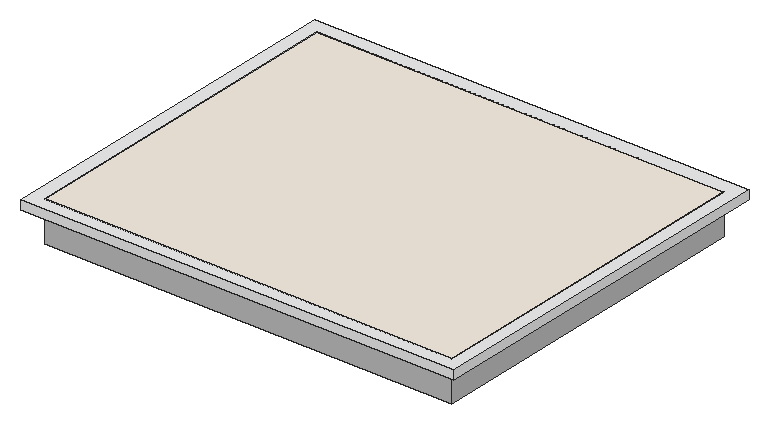
Revit family "Lighting-Industrial-GEWISS-ELIA-HL-LED_HIGHBAY", category Apparecchi per illuminazione, host Superficie, Revit 2019 (continued)
Types (12, lengths in mm): name | Weight (kg): | Weight (kg) | Voltage | Technical sheet | System power | Optic | built-in parameter 1150142 | Lumen output (lm) | Model | IDT | File diagramma fotometrico | Description
    \r\n4405.80 4244.80 4088.00 3935.40 3782.80 3633.00 3487.40 \r\n3344.60 3204.60 3067.40 2934.40 2804.20 2676.24 2550.66 \r\n2429.42 2311.82 2198.14 2086.56 1974.70 1865.78 1763.02 \r\n1663.62 1564.92 1469.16 1378.30 1292.20 1211.00 1134.28 \r\n1061.62 993.02 927.78 865.90 807.52 752.36 700.42 650.72 \r\n602.14 555.10 510.16 466.76 424.62 384.72 348.46 314.02 \r\n280.17 248.14 219.58 193.05 167.38 143.43 121.87 102.05 \r\n83.24 66.28 51.70 39.35 29.28 21.38 15.68 11.84 9.49 8.77 \r\n8142.40 8142.40 8142.40 8145.20 8145.20 8148.00 8149.40 \r\n8152.20 8155.00 8159.20 8163.40 8167.60 8173.20 8180.20 \r\n8185.80 8192.80 8199.80 8208.20 8216.60 8225.00 8234.80 \r\n8243.20 8251.60 8260.00 8269.80 8278.20 8286.60 8295.00 \r\n8303.40 8311.80 8318.80 8327.20 8335.60 8344.00 8352.40 \r\n8362.20 8370.60 8380.40 8390.20 8400.00 8411.20 8421.00 \r\n8432.20 8444.80 8457.40 8468.60 8482.60 8496.60 8510.60 \r\n8524.60 8538.60 8552.60 8566.60 8577.80 8589.00 8601.60 \r\n8612.80 8621.20 8629.60 8638.00 8646.40 8652.00 8656.20 \r\n8661.80 8664.60 8666.00 8667.40 8667.40 8666.00 8663.20 \r\n8660.40 8654.80 8646.40 8636.60 8626.80 8615.60 8601.60 \r\n8586.20 8569.40 8549.80 8528.80 8506.40 8482.60 8457.40 \r\n8429.40 8398.60 8367.80 8334.20 8300.60 8264.20 8223.60 \r\n8181.60 8135.40 8078.00 8013.60 7938.00 7854.00 7758.80 \r\n7655.20 7541.80 7424.20 7308.00 7189.00 7067.20 6937.00 \r\n6794.20 6641.60 6483.40 6316.80 6144.60 5966.80 5783.40 \r\n5597.20 5416.60 5240.20 5068.00 4900.00 4733.40 4569.60 \r\n4407.20 4246.20 4089.40 3936.80 3782.80 3634.40 3488.80 \r\n3346.00 3204.60 3067.40 2934.40 2807.00 2677.22 2550.52 \r\n2427.46 2308.32 2193.80 2082.22 1970.64 1862.00 1759.52 \r\n1660.12 1561.56 1465.80 1375.08 1288.70 1207.78 1131.34 \r\n1058.96 990.36 925.40 863.80 805.70 750.68 698.74 649.04 \r\n600.74 553.98 509.18 465.92 423.64 383.60 347.62 313.46 \r\n279.38 247.21 218.61 192.11 166.57 142.79 121.34 101.61 \r\n82.92 66.05 51.58 39.30 29.29 21.41 15.67 11.79 9.45 8.76 \r\n8142.40 8142.40 8142.40 8145.20 8145.20 8148.00 8149.40 \r\n8152.20 8155.00 8159.20 8163.40 8167.60 8173.20 8178.80 \r\n8187.20 8192.80 8201.20 8208.20 8216.60 8226.40 8234.80 \r\n8243.20 8251.60 8260.00 8269.80 8278.20 8286.60 8295.00 \r\n8303.40 8311.80 8320.20 8327.20 8335.60 8344.00 8352.40 \r\n8360.80 8370.60 8379.00 8390.20 8400.00 8411.20 8421.00 \r\n8432.20 8444.80 8456.00 8470.00 8481.20 8496.60 8510.60 \r\n8524.60 8540.00 8554.00 8566.60 8579.20 8590.40 8603.00 \r\n8612.80 8622.60 8631.00 8638.00 8646.40 8652.00 8656.20 \r\n8661.80 8664.60 8666.00 8668.80 8667.40 8666.00 8663.20 \r\n8659.00 8653.40 8646.40 8636.60 8625.40 8614.20 8600.20 \r\n8584.80 8568.00 8548.40 8528.80 8505.00 8482.60 8454.60 \r\n8426.60 8398.60 8367.80 8334.20 8299.20 8264.20 8225.00 \r\n8183.00 8135.40 8078.00 8013.60 7939.40 7858.20 7761.60 \r\n7658.00 7541.80 7424.20 7306.60 7189.00 7067.20 6937.00 \r\n6794.20 6640.20 6482.00 6315.40 6146.00 5969.60 5784.80 \r\n5600.00 5418.00 5241.60 5068.00 4900.00 4734.80 4571.00 \r\n4407.20 4246.20 4090.80 3936.80 3785.60 3635.80 3490.20 \r\n3347.40 3204.60 3066.00 2935.80 2807.00 2678.06 2550.24 \r\n2425.50 2304.68 2189.60 2078.02 1966.58 1858.50 1756.02 \r\n1656.76 1558.34 1462.86 1371.86 1285.62 1204.84 1128.68 \r\n1056.44 987.98 923.02 861.70 803.88 749.14 697.34 647.50 \r\n599.34 552.86 508.20 465.08 422.66 382.76 346.78 312.90 \r\n278.68 246.34 217.67 191.20 165.79 142.17 120.83 101.21 \r\n82.63 65.83 51.44 39.23 29.29 21.44 15.66 11.74 9.40 8.74 \r\n8142.40 8142.40 8142.40 8145.20 8145.20 8148.00 8149.40 \r\n8152.20 8155.00 8159.20 8162.00 8167.60 8173.20 8178.80 \r\n8187.20 8192.80 8201.20 8209.60 8218.00 8226.40 8234.80 \r\n8243.20 8251.60 8261.40 8271.20 8279.60 8288.00 8296.40 \r\n8303.40 8311.80 8320.20 8327.20 8335.60 8344.00 8352.40 \r\n8360.80 8370.60 8379.00 8390.20 8400.00 8409.80 8421.00 \r\n8432.20 8443.40 8456.00 8468.60 8482.60 8496.60 8510.60 \r\n8526.00 8540.00 8554.00 8568.00 8579.20 8591.80 8603.00 \r\n8614.20 8622.60 8631.00 8639.40 8645.00 8653.40 8657.60 \r\n8661.80 8664.60 8666.00 8668.80 8667.40 8666.00 8663.20 \r\n8657.60 8652.00 8646.40 8636.60 8625.40 8611.40 8598.80 \r\n8583.40 8566.60 8548.40 8527.40 8505.00 8481.20 8454.60 \r\n8426.60 8397.20 8365.00 8332.80 8299.20 8262.80 8225.00 \r\n8184.40 8136.80 8079.40 8013.60 7940.80 7859.60 7763.00 \r\n7658.00 7543.20 7424.20 7308.00 7189.00 7065.80 6935.60 \r\n6791.40 6640.20 6479.20 6315.40 6146.00 5969.60 5787.60 \r\n5601.40 5419.40 5240.20 5069.40 4901.40 4734.80 4571.00 \r\n4407.20 4247.60 4092.20 3938.20 3787.00 3635.80 3490.20 \r\n3347.40 3204.60 3066.00 2937.20 2808.40 2678.62 2549.96 \r\n2423.68 2301.46 2185.96 2073.96 1963.08 1855.42 1752.94 \r\n1653.82 1555.54 1460.20 1369.06 1282.68 1202.18 1126.30 \r\n1054.20 985.88 921.06 859.88 802.34 747.74 695.80 646.24 \r\n598.08 551.88 507.36 464.38 421.96 381.78 346.08 312.34 \r\n278.05 245.55 216.83 190.37 165.09 141.61 120.37 100.84 \r\n82.35 65.65 51.32 39.17 29.27 21.46 15.65 11.69 9.36 8.73 \r\n8142.40 8142.40 8142.40 8145.20 8145.20 8148.00 8148.00 \r\n8150.80 8155.00 8159.20 8162.00 8167.60 8173.20 8178.80 \r\n8187.20 8192.80 8201.20 8209.60 8218.00 8226.40 8234.80 \r\n8243.20 8251.60 8262.80 8271.20 8279.60 8288.00 8296.40 \r\n8304.80 8311.80 8318.80 8327.20 8335.60 8344.00 8352.40 \r\n8360.80 8369.20 8380.40 8390.20 8400.00 8409.80 8421.00 \r\n8432.20 8443.40 8456.00 8468.60 8482.60 8496.60 8512.00 \r\n8526.00 8540.00 8554.00 8568.00 8579.20 8591.80 8603.00 \r\n8614.20 8622.60 8631.00 8639.40 8646.40 8652.00 8657.60 \r\n8661.80 8666.00 8666.00 8668.80 8667.40 8666.00 8663.20 \r\n8657.60 8652.00 8645.00 8635.20 8624.00 8611.40 8597.40 \r\n8583.40 8566.60 8547.00 8526.00 8505.00 8481.20 8454.60 \r\n8426.60 8395.80 8365.00 8332.80 8297.80 8262.80 8226.40 \r\n8184.40 8136.80 8079.40 8015.00 7942.20 7861.00 7764.40 \r\n7660.80 7544.60 7425.60 7308.00 7187.60 7065.80 6934.20 \r\n6790.00 6637.40 6477.80 6314.00 6146.00 5972.40 5787.60 \r\n5602.80 5419.40 5240.20 5069.40 4901.40 4736.20 4571.00 \r\n4408.60 4249.00 4092.20 3939.60 3788.40 3637.20 3491.60 \r\n3348.80 3206.00 3066.00 2937.20 2809.80 2679.18 2549.82 \r\n2422.14 2298.52 2182.60 2070.74 1960.00 1852.62 1750.42 \r\n1651.30 1553.16 1457.82 1366.68 1280.30 1199.94 1124.20 \r\n1052.10 983.92 919.38 858.34 800.94 746.48 694.68 644.98 \r\n597.10 550.90 506.66 463.82 421.26 381.08 345.52 311.92 \r\n277.51 244.87 216.12 189.67 164.50 141.13 119.98 100.52 \r\n82.11 65.49 51.20 39.10 29.26 21.48 15.64 11.64 9.32 8.71 \r\n8142.40 8142.40 8142.40 8145.20 8145.20 8148.00 8148.00 \r\n8150.80 8156.40 8159.20 8162.00 8167.60 8173.20 8178.80 \r\n8187.20 8192.80 8201.20 8209.60 8218.00 8226.40 8234.80 \r\n8243.20 8251.60 8262.80 8271.20 8279.60 8288.00 8296.40 \r\n8304.80 8313.20 8318.80 8327.20 8335.60 8344.00 8352.40 \r\n8360.80 8369.20 8380.40 8388.80 8400.00 8411.20 8419.60 \r\n8430.80 8444.80 8456.00 8470.00 8484.00 8498.00 8512.00 \r\n8526.00 8540.00 8554.00 8568.00 8579.20 8593.20 8604.40 \r\n8612.80 8624.00 8632.40 8638.00 8646.40 8652.00 8657.60 \r\n8663.20 8666.00 8666.00 8668.80 8666.00 8666.00 8663.20 \r\n8657.60 8652.00 8643.60 8635.20 8624.00 8610.00 8596.00 \r\n8582.00 8565.20 8545.60 8526.00 8503.60 8481.20 8453.20 \r\n8425.20 8394.40 8363.60 8330.00 8296.40 8262.80 8226.40 \r\n8184.40 8136.80 8080.80 8016.40 7943.60 7859.60 7767.20 \r\n7660.80 7546.00 7425.60 7308.00 7187.60 7064.40 6935.60 \r\n6790.00 6636.00 6476.40 6314.00 6146.00 5972.40 5790.40 \r\n5602.80 5420.80 5241.60 5070.80 4902.80 4734.80 4572.40 \r\n4410.00 4247.60 4093.60 3939.60 3788.40 3640.00 3491.60 \r\n3348.80 3206.00 3066.00 2937.20 2811.20 2679.60 2549.40 \r\n2420.88 2296.28 2179.80 2068.08 1957.48 1850.52 1748.60 \r\n1649.48 1551.20 1456.28 1365.00 1278.48 1198.12 1122.80 \r\n1050.56 982.52 918.12 857.08 799.96 745.64 693.84 644.00 \r\n596.40 550.20 506.24 463.40 420.84 380.52 344.96 311.64 \r\n277.09 244.36 215.54 189.11 164.02 140.76 119.67 100.27 \r\n81.93 65.35 51.13 39.06 29.23 21.48 15.63 11.61 9.28 8.71 \r\n" | "28000" | "GWF1001QM840" | "cac31452-bafc-4473-b367-6af6b8d20e56" | "GWF1001QM840.IES" | "ELIA HL L2 120° 4000K S.ALONE DALI"
